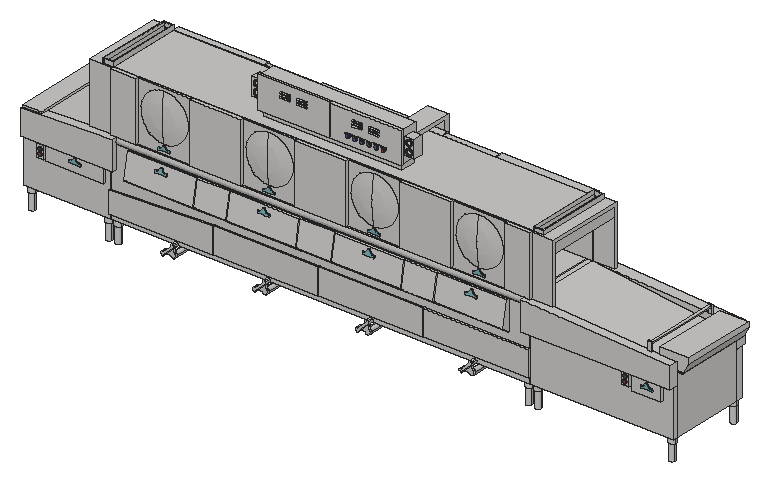
Revit family (continued)
Forms (in)
  Sweep 126, solid, material "QF_Finishes_Stainless Steel", visible <- "Cold Water Aqua Stat"
    profile origin (-31.27862, -16.75, 8.25) x (1, 0, 0) y (0, 1, 0)
      loop
        circle (0, 0) r 0.375
      loop
        circle (0, 0) r 0.5
  Sweep 127, solid, material "QF_Finishes_Stainless Steel", visible <- "Cold Water Aqua Stat"
    path origin (190.72138, 0, 0) x (0, 1, 0) y (0, 0, 1)
      loop
        line (-16.75, 9) -> (-16.75, 7.5)
        arc (-16.75, 7.5) -> (-16.31066, 6.43934) -> (-15.25, 6) r 1.5
        line (-15.25, 6) -> (-8.5, 6)
    profile origin (190.72138, -16.75, 8.25) x (1, 0, 0) y (0, 1, 0)
      loop
        circle (0, 0) r 0.5
      loop
        circle (0, 0) r 0.625
  Extrusion 128, void
    sketch origin (28, -26, 0) x (1, 0, 0) y (0, 0, 1)
      loop
        circle (10.72138, 78.5) r 0.5
    from 0 to 0.25
  Extrusion 129, solid, material "QF_Finishes_Stainless Steel"
    sketch origin (0, -20.25, 0) x (1, 0, 0) y (0, 0, 1)
      loop
        circle (7.73519, 7) r 1
      loop
        circle (7.73519, 7) r 1.125
    from 0 to 21.5
  Extrusion 130, solid, material "QF_Finishes_Stainless Steel"
    sketch origin (25, -20.25, 0) x (1, 0, 0) y (0, 0, 1)
      loop
        circle (21.23519, 7) r 1
      loop
        circle (21.23519, 7) r 1.125
    from 0 to 21.5
  Extrusion 131, solid, material "QF_Finishes_Stainless Steel"
    sketch origin (7.21533, -42, -3.41935) x (0.707107, 0, 0.707107) y (-0.707107, 0, 0.707107)
      loop
        arc (6.61019, 7) -> (7.73519, 5.875) -> (8.86019, 7) r 1.125
        arc (8.86019, 7) -> (9.29112, 8.22931) -> (10.48519, 8.75) r 1.62946
        line (10.48519, 8.75) -> (4.98519, 8.75)
        arc (4.98519, 8.75) -> (6.17925, 8.22931) -> (6.61019, 7) r 1.62946
    from -0.25 to 0.25
  Extrusion 132, solid, material "QF_Finishes_Stainless Steel"
    sketch origin (45.71533, -42, -3.41935) x (0.707107, 0, 0.707107) y (-0.707107, 0, 0.707107)
      loop
        line (4.73519, 8.75) -> (10.73519, 8.75)
        arc (10.73519, 8.75) -> (11.08874, 8.89645) -> (11.23519, 9.25) r 0.5
        line (11.23519, 9.25) -> (11.23519, 9.75)
        arc (11.23519, 9.75) -> (11.08874, 10.10355) -> (10.73519, 10.25) r 0.5
        line (10.73519, 10.25) -> (10.23519, 10.25)
        arc (10.23519, 10.25) -> (10.05841, 10.17678) -> (9.98519, 10) r 0.25
        line (9.98519, 10) -> (9.98519, 9.75) -> (5.48519, 9.75) -> (5.48519, 10)
        arc (5.48519, 10) -> (5.41196, 10.17678) -> (5.23519, 10.25) r 0.25
        line (5.23519, 10.25) -> (4.73519, 10.25)
        arc (4.73519, 10.25) -> (4.38163, 10.10355) -> (4.23519, 9.75) r 0.5
        line (4.23519, 9.75) -> (4.23519, 9.25)
        arc (4.23519, 9.25) -> (4.38163, 8.89645) -> (4.73519, 8.75) r 0.5
    from -1 to 1
  Extrusion 133, solid, material "QF_Finishes_Stainless Steel"
    sketch origin (45.71533, -42, -3.41935) x (0.707107, 0, 0.707107) y (-0.707107, 0, 0.707107)
      loop
        arc (6.61019, 7) -> (7.73519, 5.875) -> (8.86019, 7) r 1.125
        arc (8.86019, 7) -> (9.29112, 8.22931) -> (10.48519, 8.75) r 1.62946
        line (10.48519, 8.75) -> (4.98519, 8.75)
        arc (4.98519, 8.75) -> (6.17925, 8.22931) -> (6.61019, 7) r 1.62946
    from -0.25 to 0.25
  Extrusion 134, solid, material "QF_Finishes_Stainless Steel"
    sketch origin (74.5, -20.25, 0) x (1, 0, 0) y (0, 0, 1)
      loop
        circle (14.73519, 7) r 1
      loop
        circle (14.73519, 7) r 1.125
    from 0 to 21.5
  Extrusion 135, solid, material "QF_Finishes_Stainless Steel"
    sketch origin (88.71533, -42, -3.41935) x (0.707107, 0, 0.707107) y (-0.707107, 0, 0.707107)
      loop
        line (4.73519, 8.75) -> (10.73519, 8.75)
        arc (10.73519, 8.75) -> (11.08874, 8.89645) -> (11.23519, 9.25) r 0.5
        line (11.23519, 9.25) -> (11.23519, 9.75)
        arc (11.23519, 9.75) -> (11.08874, 10.10355) -> (10.73519, 10.25) r 0.5
        line (10.73519, 10.25) -> (10.23519, 10.25)
        arc (10.23519, 10.25) -> (10.05841, 10.17678) -> (9.98519, 10) r 0.25
        line (9.98519, 10) -> (9.98519, 9.75) -> (5.48519, 9.75) -> (5.48519, 10)
        arc (5.48519, 10) -> (5.41196, 10.17678) -> (5.23519, 10.25) r 0.25
        line (5.23519, 10.25) -> (4.73519, 10.25)
        arc (4.73519, 10.25) -> (4.38163, 10.10355) -> (4.23519, 9.75) r 0.5
        line (4.23519, 9.75) -> (4.23519, 9.25)
        arc (4.23519, 9.25) -> (4.38163, 8.89645) -> (4.73519, 8.75) r 0.5
    from -1 to 1
  Extrusion 136, solid, material "QF_Finishes_Stainless Steel"
    sketch origin (88.71533, -42, -3.41935) x (0.707107, 0, 0.707107) y (-0.707107, 0, 0.707107)
      loop
        arc (6.61019, 7) -> (7.73519, 5.875) -> (8.86019, 7) r 1.125
        arc (8.86019, 7) -> (9.29112, 8.22931) -> (10.48519, 8.75) r 1.62946
        line (10.48519, 8.75) -> (4.98519, 8.75)
        arc (4.98519, 8.75) -> (6.17925, 8.22931) -> (6.61019, 7) r 1.62946
    from -0.25 to 0.25
  Extrusion 137, solid, material "QF_Finishes_Stainless Steel"
    sketch origin (7.21533, -42, -3.41935) x (0.707107, 0, 0.707107) y (-0.707107, 0, 0.707107)
      loop
        line (4.73519, 8.75) -> (10.73519, 8.75)
        arc (10.73519, 8.75) -> (11.08874, 8.89645) -> (11.23519, 9.25) r 0.5
        line (11.23519, 9.25) -> (11.23519, 9.75)
        arc (11.23519, 9.75) -> (11.08874, 10.10355) -> (10.73519, 10.25) r 0.5
        line (10.73519, 10.25) -> (10.23519, 10.25)
        arc (10.23519, 10.25) -> (10.05841, 10.17678) -> (9.98519, 10) r 0.25
        line (9.98519, 10) -> (9.98519, 9.75) -> (5.48519, 9.75) -> (5.48519, 10)
        arc (5.48519, 10) -> (5.41196, 10.17678) -> (5.23519, 10.25) r 0.25
        line (5.23519, 10.25) -> (4.73519, 10.25)
        arc (4.73519, 10.25) -> (4.38163, 10.10355) -> (4.23519, 9.75) r 0.5
        line (4.23519, 9.75) -> (4.23519, 9.25)
        arc (4.23519, 9.25) -> (4.38163, 8.89645) -> (4.73519, 8.75) r 0.5
    from -1 to 1
  Extrusion 138, solid, material "QF_Finishes_Stainless Steel", visible <- "Feeder Line 2"
    sketch origin (15.91873, -26, 0) x (1, 0, 0) y (0, 0, 1)
      loop
        circle (23.97138, 78.5) r 0.25
    from 0 to -0.0625
  Extrusion 139, solid, material "QF_Finishes_Stainless Steel", visible <- "Feeder Line 3"
    sketch origin (16.66873, -26, 0) x (1, 0, 0) y (0, 0, 1)
      loop
        circle (23.97138, 78.5) r 0.25
    from 0 to -0.0625
  Extrusion 140, solid, material "QF_Finishes_Black", not visible
    sketch origin (0, -32.25, 0) x (1, 0, 0) y (0, 0, 1)
      loop
        circle (6.84638, 76.75) r 1.25
      loop
        circle (6.84638, 76.75) r 1
    from 0 to 0.25
  Extrusion 141, solid, material "QF_Finishes_White", not visible
    sketch origin (0, -32.25, 0) x (1, 0, 0) y (0, 0, 1)
      loop
        circle (6.84638, 76.75) r 1
    from 0 to 0.0625
  Extrusion 142, solid, material "QF_Finishes_Black", not visible
    sketch origin (33.66291, -34, -18.39967) x (1, 0, 0) y (0, 0, 1)
      loop
        line (19.62096, 91.02467) -> (17.62096, 91.02467) -> (17.62096, 90.77467) -> (19.62096, 90.77467) -> (19.62096, 91.02467)
      loop
        line (16.62096, 91.02467) -> (14.62096, 91.02467) -> (14.62096, 90.77467) -> (16.62096, 90.77467) -> (16.62096, 91.02467)
      loop
        line (20.62096, 91.02467) -> (20.62096, 90.77467) -> (22.62096, 90.77467) -> (22.62096, 91.02467) -> (20.62096, 91.02467)
      loop
        line (23.62096, 91.02467) -> (23.62096, 90.77467) -> (25.62096, 90.77467) -> (25.62096, 91.02467) -> (23.62096, 91.02467)
      loop
        line (13.62096, 91.02467) -> (11.62096, 91.02467) -> (11.62096, 90.77467) -> (13.62096, 90.77467) -> (13.62096, 91.02467)
      loop
        line (26.62096, 91.02467) -> (26.62096, 90.77467) -> (28.62096, 90.77467) -> (28.62096, 91.02467) -> (26.62096, 91.02467)
    from 0 to 0.25
  Extrusion 143, solid, material "QF_Finishes_Navy Blue", not visible
    sketch origin (34.03783, -34, -18.39967) x (1, 0, 0) y (0, 0, 1)
      loop
        circle (15.24605, 89.89967) r 0.625
    from 0.125 to 0.375
  Extrusion 144, solid, material "QF_Finishes_Navy Blue", not visible
    sketch origin (34.03783, -34, -18.39967) x (1, 0, 0) y (0, 0, 1)
      loop
        circle (18.24605, 89.89967) r 0.625
    from 0.125 to 0.375
  Extrusion 145, solid, material "QF_Finishes_LED Green", not visible
    sketch origin (34.03783, -34, -18.39967) x (1, 0, 0) y (0, 0, 1)
      loop
        circle (21.24605, 89.89967) r 0.625
    from 0.125 to 0.375
  Extrusion 146, solid, material "QF_Finishes_Navy Blue", not visible
    sketch origin (34.03783, -34, -18.39967) x (1, 0, 0) y (0, 0, 1)
      loop
        circle (24.24605, 89.89967) r 0.625
    from 0.125 to 0.375
  Extrusion 147, solid, material "QF_Finishes_Black", not visible
    sketch origin (34.03783, -34, -18.39967) x (1, 0, 0) y (0, 0, 1)
      loop
        line (15.99605, 89.89967) -> (15.99605, 90.77467) -> (14.49605, 90.77467) -> (14.49605, 89.89967)
        arc (14.49605, 89.89967) -> (15.24605, 89.14967) -> (15.99605, 89.89967) r 0.75
      loop
        line (18.99605, 89.89967) -> (18.99605, 90.77467) -> (17.49605, 90.77467) -> (17.49605, 89.89967)
        arc (17.49605, 89.89967) -> (18.24605, 89.14967) -> (18.99605, 89.89967) r 0.75
      loop
        line (21.99605, 89.89967) -> (21.99605, 90.77467) -> (20.49605, 90.77467) -> (20.49605, 89.89967)
        arc (20.49605, 89.89967) -> (21.24605, 89.14967) -> (21.99605, 89.89967) r 0.75
      loop
        line (24.99605, 89.89967) -> (24.99605, 90.77467) -> (23.49605, 90.77467) -> (23.49605, 89.89967)
        arc (23.49605, 89.89967) -> (24.24605, 89.14967) -> (24.99605, 89.89967) r 0.75
      loop
        line (12.99605, 89.89967) -> (12.99605, 90.77467) -> (11.49605, 90.77467) -> (11.49605, 89.89967)
        arc (11.49605, 89.89967) -> (12.24605, 89.14967) -> (12.99605, 89.89967) r 0.75
      loop
        line (27.99605, 89.89967) -> (27.99605, 90.77467) -> (26.49605, 90.77467) -> (26.49605, 89.89967)
        arc (26.49605, 89.89967) -> (27.24605, 89.14967) -> (27.99605, 89.89967) r 0.75
    from 0 to 0.125
  Extrusion 148, solid, material "QF_Finishes_Black", not visible
    sketch origin (0, -32.25, -3.5) x (1, 0, 0) y (0, 0, 1)
      loop
        circle (6.84638, 76.75) r 1.25
      loop
        circle (6.84638, 76.75) r 1
    from 0 to 0.25
  Extrusion 149, solid, material "QF_Finishes_White", not visible
    sketch origin (0, -32.25, -3.5) x (1, 0, 0) y (0, 0, 1)
      loop
        circle (6.84638, 76.75) r 1
    from 0 to 0.0625
  Extrusion 150, solid, material "QF_Finishes_Black", not visible
    sketch origin (63.875, -32.25, 0) x (1, 0, 0) y (0, 0, 1)
      loop
        circle (6.84638, 76.75) r 1.25
      loop
        circle (6.84638, 76.75) r 1
    from 0 to 0.25
  Extrusion 151, solid, material "QF_Finishes_White", not visible
    sketch origin (63.875, -32.25, 0) x (1, 0, 0) y (0, 0, 1)
      loop
        circle (6.84638, 76.75) r 1
    from 0 to 0.0625
  Extrusion 152, solid, material "QF_Finishes_Black", not visible
    sketch origin (63.875, -32.25, -3.5) x (1, 0, 0) y (0, 0, 1)
      loop
        circle (6.84638, 76.75) r 1.25
      loop
        circle (6.84638, 76.75) r 1
    from 0 to 0.25
  Extrusion 153, solid, material "QF_Finishes_White", not visible
    sketch origin (63.875, -32.25, -3.5) x (1, 0, 0) y (0, 0, 1)
      loop
        circle (6.84638, 76.75) r 1
    from 0 to 0.0625
  Extrusion 154, solid, material "QF_Finishes_Navy Blue", not visible
    sketch origin (31.03783, -34, -18.39967) x (1, 0, 0) y (0, 0, 1)
      loop
        circle (15.24605, 89.89967) r 0.625
    from 0.125 to 0.375
  Extrusion 155, solid, material "QF_Finishes_LED Red", not visible
    sketch origin (46.03783, -34, -18.39967) x (1, 0, 0) y (0, 0, 1)
      loop
        circle (15.24605, 89.89967) r 0.625
    from 0.125 to 0.375
  Extrusion 156, solid, material "QF_Finishes_Stainless Steel", not visible
    sketch origin (0, -73.14175, 10.44389) x (1, 0, 0) y (0, 0.5, 0.866025)
      loop
        line (48.28388, 77.875) -> (52.28388, 77.875)
        arc (52.28388, 77.875) -> (52.10082, 78.31694) -> (51.65888, 78.5) r 0.625
        line (51.65888, 78.5) -> (48.90888, 78.5)
        arc (48.90888, 78.5) -> (48.46693, 78.31694) -> (48.28388, 77.875) r 0.625
    from 0 to 0.125
  Extrusion 157, solid, material "QF_Finishes_Stainless Steel", not visible
    sketch origin (0, -73.14175, 9.44389) x (1, 0, 0) y (0, 0.5, 0.866025)
      loop
        line (48.28388, 77.875) -> (52.28388, 77.875)
        arc (52.28388, 77.875) -> (52.10082, 78.31694) -> (51.65888, 78.5) r 0.625
        line (51.65888, 78.5) -> (48.90888, 78.5)
        arc (48.90888, 78.5) -> (48.46693, 78.31694) -> (48.28388, 77.875) r 0.625
    from 0 to 0.125
  Extrusion 158, solid, material "QF_Finishes_Stainless Steel", not visible
    sketch origin (0, -73.14175, 8.44389) x (1, 0, 0) y (0, 0.5, 0.866025)
      loop
        line (48.28388, 77.875) -> (52.28388, 77.875)
        arc (52.28388, 77.875) -> (52.10082, 78.31694) -> (51.65888, 78.5) r 0.625
        line (51.65888, 78.5) -> (48.90888, 78.5)
        arc (48.90888, 78.5) -> (48.46693, 78.31694) -> (48.28388, 77.875) r 0.625
    from 0 to 0.125
  Extrusion 159, solid, material "QF_Finishes_Stainless Steel", not visible
    sketch origin (107.56775, -73.14175, 10.44389) x (-1, 0, 0) y (0, -0.5, -0.866025)
      loop
        arc (48.28388, -77.875) -> (48.46693, -78.31694) -> (48.90888, -78.5) r 0.625
        line (48.90888, -78.5) -> (51.65888, -78.5)
        arc (51.65888, -78.5) -> (52.10082, -78.31694) -> (52.28388, -77.875) r 0.625
        line (52.28388, -77.875) -> (48.28388, -77.875)
    from 0 to 0.125
  Extrusion 160, solid, material "QF_Finishes_Stainless Steel", not visible
    sketch origin (107.56775, -73.14175, 9.44389) x (-1, 0, 0) y (0, -0.5, -0.866025)
      loop
        arc (48.28388, -77.875) -> (48.46693, -78.31694) -> (48.90888, -78.5) r 0.625
        line (48.90888, -78.5) -> (51.65888, -78.5)
        arc (51.65888, -78.5) -> (52.10082, -78.31694) -> (52.28388, -77.875) r 0.625
        line (52.28388, -77.875) -> (48.28388, -77.875)
    from 0 to 0.125
  Extrusion 161, solid, material "QF_Finishes_Stainless Steel", not visible
    sketch origin (107.56775, -73.14175, 8.44389) x (-1, 0, 0) y (0, -0.5, -0.866025)
      loop
        arc (48.28388, -77.875) -> (48.46693, -78.31694) -> (48.90888, -78.5) r 0.625
        line (48.90888, -78.5) -> (51.65888, -78.5)
        arc (51.65888, -78.5) -> (52.10082, -78.31694) -> (52.28388, -77.875) r 0.625
        line (52.28388, -77.875) -> (48.28388, -77.875)
    from 0 to 0.125
  Extrusion 162, solid, material "QF_Finishes_Stainless Steel", not visible
    sketch origin (-30.125, -73.14175, 10.44389) x (1, 0, 0) y (0, 0.5, 0.866025)
      loop
        line (48.28388, 77.875) -> (52.28388, 77.875)
        arc (52.28388, 77.875) -> (52.10082, 78.31694) -> (51.65888, 78.5) r 0.625
        line (51.65888, 78.5) -> (48.90888, 78.5)
        arc (48.90888, 78.5) -> (48.46693, 78.31694) -> (48.28388, 77.875) r 0.625
    from 0 to 0.125
  Extrusion 163, solid, material "QF_Finishes_Stainless Steel", not visible
    sketch origin (-30.125, -73.14175, 9.44389) x (1, 0, 0) y (0, 0.5, 0.866025)
      loop
        line (48.28388, 77.875) -> (52.28388, 77.875)
        arc (52.28388, 77.875) -> (52.10082, 78.31694) -> (51.65888, 78.5) r 0.625
        line (51.65888, 78.5) -> (48.90888, 78.5)
        arc (48.90888, 78.5) -> (48.46693, 78.31694) -> (48.28388, 77.875) r 0.625
    from 0 to 0.125
  Extrusion 164, solid, material "QF_Finishes_Stainless Steel", not visible
    sketch origin (-30.125, -73.14175, 8.44389) x (1, 0, 0) y (0, 0.5, 0.866025)
      loop
        line (48.28388, 77.875) -> (52.28388, 77.875)
        arc (52.28388, 77.875) -> (52.10082, 78.31694) -> (51.65888, 78.5) r 0.625
        line (51.65888, 78.5) -> (48.90888, 78.5)
        arc (48.90888, 78.5) -> (48.46693, 78.31694) -> (48.28388, 77.875) r 0.625
    from 0 to 0.125
  Extrusion 165, solid, material "QF_Finishes_Stainless Steel", not visible
    sketch origin (77.44275, -73.14175, 10.44389) x (-1, 0, 0) y (0, -0.5, -0.866025)
      loop
        arc (48.28388, -77.875) -> (48.46693, -78.31694) -> (48.90888, -78.5) r 0.625
        line (48.90888, -78.5) -> (51.65888, -78.5)
        arc (51.65888, -78.5) -> (52.10082, -78.31694) -> (52.28388, -77.875) r 0.625
        line (52.28388, -77.875) -> (48.28388, -77.875)
    from 0 to 0.125
  Extrusion 166, solid, material "QF_Finishes_Stainless Steel", not visible
    sketch origin (77.44275, -73.14175, 9.44389) x (-1, 0, 0) y (0, -0.5, -0.866025)
      loop
        arc (48.28388, -77.875) -> (48.46693, -78.31694) -> (48.90888, -78.5) r 0.625
        line (48.90888, -78.5) -> (51.65888, -78.5)
        arc (51.65888, -78.5) -> (52.10082, -78.31694) -> (52.28388, -77.875) r 0.625
        line (52.28388, -77.875) -> (48.28388, -77.875)
    from 0 to 0.125
  Extrusion 167, solid, material "QF_Finishes_Stainless Steel", not visible
    sketch origin (77.44275, -73.14175, 8.44389) x (-1, 0, 0) y (0, -0.5, -0.866025)
      loop
        arc (48.28388, -77.875) -> (48.46693, -78.31694) -> (48.90888, -78.5) r 0.625
        line (48.90888, -78.5) -> (51.65888, -78.5)
        arc (51.65888, -78.5) -> (52.10082, -78.31694) -> (52.28388, -77.875) r 0.625
        line (52.28388, -77.875) -> (48.28388, -77.875)
    from 0 to 0.125
  Extrusion 168, solid, material "QF_Finishes_Stainless Steel", not visible
    sketch origin (0, -20.25, 0) x (1, 0, 0) y (0, 0, 1)
      loop
        circle (7.73519, 7) r 1
      loop
        circle (7.73519, 7) r 1.125
    from 0 to 21.5
  Extrusion 169, solid, material "QF_Finishes_Stainless Steel", not visible
    sketch origin (25, -20.25, 0) x (1, 0, 0) y (0, 0, 1)
      loop
        circle (21.23519, 7) r 1
      loop
        circle (21.23519, 7) r 1.125
    from 0 to 21.5
  Extrusion 170, solid, material "QF_Finishes_Stainless Steel", not visible
    sketch origin (7.21533, -42, -3.41935) x (0.707107, 0, 0.707107) y (-0.707107, 0, 0.707107)
      loop
        arc (6.61019, 7) -> (7.73519, 5.875) -> (8.86019, 7) r 1.125
        arc (8.86019, 7) -> (9.29112, 8.22931) -> (10.48519, 8.75) r 1.62946
        line (10.48519, 8.75) -> (4.98519, 8.75)
        arc (4.98519, 8.75) -> (6.17925, 8.22931) -> (6.61019, 7) r 1.62946
    from -0.25 to 0.25
  Extrusion 171, solid, material "QF_Finishes_Stainless Steel", not visible
    sketch origin (45.71533, -42, -3.41935) x (0.707107, 0, 0.707107) y (-0.707107, 0, 0.707107)
      loop
        line (4.73519, 8.75) -> (10.73519, 8.75)
        arc (10.73519, 8.75) -> (11.08874, 8.89645) -> (11.23519, 9.25) r 0.5
        line (11.23519, 9.25) -> (11.23519, 9.75)
        arc (11.23519, 9.75) -> (11.08874, 10.10355) -> (10.73519, 10.25) r 0.5
        line (10.73519, 10.25) -> (10.23519, 10.25)
        arc (10.23519, 10.25) -> (10.05841, 10.17678) -> (9.98519, 10) r 0.25
        line (9.98519, 10) -> (9.98519, 9.75) -> (5.48519, 9.75) -> (5.48519, 10)
        arc (5.48519, 10) -> (5.41196, 10.17678) -> (5.23519, 10.25) r 0.25
        line (5.23519, 10.25) -> (4.73519, 10.25)
        arc (4.73519, 10.25) -> (4.38163, 10.10355) -> (4.23519, 9.75) r 0.5
        line (4.23519, 9.75) -> (4.23519, 9.25)
        arc (4.23519, 9.25) -> (4.38163, 8.89645) -> (4.73519, 8.75) r 0.5
    from -1 to 1
  Extrusion 172, solid, material "QF_Finishes_Stainless Steel", not visible
    sketch origin (45.71533, -42, -3.41935) x (0.707107, 0, 0.707107) y (-0.707107, 0, 0.707107)
      loop
        arc (6.61019, 7) -> (7.73519, 5.875) -> (8.86019, 7) r 1.125
        arc (8.86019, 7) -> (9.29112, 8.22931) -> (10.48519, 8.75) r 1.62946
        line (10.48519, 8.75) -> (4.98519, 8.75)
        arc (4.98519, 8.75) -> (6.17925, 8.22931) -> (6.61019, 7) r 1.62946
    from -0.25 to 0.25
  Extrusion 173, solid, material "QF_Finishes_Stainless Steel", not visible
    sketch origin (74.5, -20.25, 0) x (1, 0, 0) y (0, 0, 1)
      loop
        circle (14.73519, 7) r 1
      loop
        circle (14.73519, 7) r 1.125
    from 0 to 21.5
  Extrusion 174, solid, material "QF_Finishes_Stainless Steel", not visible
    sketch origin (88.71533, -42, -3.41935) x (0.707107, 0, 0.707107) y (-0.707107, 0, 0.707107)
      loop
        line (4.73519, 8.75) -> (10.73519, 8.75)
        arc (10.73519, 8.75) -> (11.08874, 8.89645) -> (11.23519, 9.25) r 0.5
        line (11.23519, 9.25) -> (11.23519, 9.75)
        arc (11.23519, 9.75) -> (11.08874, 10.10355) -> (10.73519, 10.25) r 0.5
        line (10.73519, 10.25) -> (10.23519, 10.25)
        arc (10.23519, 10.25) -> (10.05841, 10.17678) -> (9.98519, 10) r 0.25
        line (9.98519, 10) -> (9.98519, 9.75) -> (5.48519, 9.75) -> (5.48519, 10)
        arc (5.48519, 10) -> (5.41196, 10.17678) -> (5.23519, 10.25) r 0.25
        line (5.23519, 10.25) -> (4.73519, 10.25)
        arc (4.73519, 10.25) -> (4.38163, 10.10355) -> (4.23519, 9.75) r 0.5
        line (4.23519, 9.75) -> (4.23519, 9.25)
        arc (4.23519, 9.25) -> (4.38163, 8.89645) -> (4.73519, 8.75) r 0.5
    from -1 to 1
  Extrusion 175, solid, material "QF_Finishes_Stainless Steel", not visible
    sketch origin (88.71533, -42, -3.41935) x (0.707107, 0, 0.707107) y (-0.707107, 0, 0.707107)
      loop
        arc (6.61019, 7) -> (7.73519, 5.875) -> (8.86019, 7) r 1.125
        arc (8.86019, 7) -> (9.29112, 8.22931) -> (10.48519, 8.75) r 1.62946
        line (10.48519, 8.75) -> (4.98519, 8.75)
        arc (4.98519, 8.75) -> (6.17925, 8.22931) -> (6.61019, 7) r 1.62946
    from -0.25 to 0.25
  Extrusion 176, solid, material "QF_Finishes_Stainless Steel", not visible
    sketch origin (7.21533, -42, -3.41935) x (0.707107, 0, 0.707107) y (-0.707107, 0, 0.707107)
      loop
        line (4.73519, 8.75) -> (10.73519, 8.75)
        arc (10.73519, 8.75) -> (11.08874, 8.89645) -> (11.23519, 9.25) r 0.5
        line (11.23519, 9.25) -> (11.23519, 9.75)
        arc (11.23519, 9.75) -> (11.08874, 10.10355) -> (10.73519, 10.25) r 0.5
        line (10.73519, 10.25) -> (10.23519, 10.25)
        arc (10.23519, 10.25) -> (10.05841, 10.17678) -> (9.98519, 10) r 0.25
        line (9.98519, 10) -> (9.98519, 9.75) -> (5.48519, 9.75) -> (5.48519, 10)
        arc (5.48519, 10) -> (5.41196, 10.17678) -> (5.23519, 10.25) r 0.25
        line (5.23519, 10.25) -> (4.73519, 10.25)
        arc (4.73519, 10.25) -> (4.38163, 10.10355) -> (4.23519, 9.75) r 0.5
        line (4.23519, 9.75) -> (4.23519, 9.25)
        arc (4.23519, 9.25) -> (4.38163, 8.89645) -> (4.73519, 8.75) r 0.5
    from -1 to 1
  Extrusion 177, solid, material "QF_Finishes_Stainless Steel", visible <- "Swing Doors"
    sketch origin (0, 0, 65.5) x (0, 1, 0) y (-1, 0, 0)
      loop
        line (-38.25, -33.72138) -> (-39, -33.72138) -> (-39, -44.65888) -> (-38.25, -44.65888) -> (-38.25, -33.72138)
    from 0 to -24.875
  Extrusion 178, solid, material "QF_Finishes_Stainless Steel", visible <- "Swing Doors"
    sketch origin (0, 0, 65.5) x (0, 1, 0) y (-1, 0, 0)
      loop
        line (-38.25, -44.78388) -> (-39, -44.78388) -> (-39, -55.72138) -> (-38.25, -55.72138) -> (-38.25, -44.78388)
    from 0 to -24.875
  Extrusion 179, solid, material "QF_Finishes_Stainless Steel", visible <- "Swing Doors"
    sketch origin (1.64366, 34, 62.4375) x (0, 1, 0) y (-1, 0, 0)
      loop
        circle (-73.25, -31.82772) r 0.25
    from 0 to -3
  Extrusion 180, solid, material "QF_Finishes_Stainless Steel", visible <- "Swing Doors"
    sketch origin (1.64366, 34, 45.8125) x (0, 1, 0) y (-1, 0, 0)
      loop
        circle (-73.25, -31.82772) r 0.25
    from 0 to -3
  Sweep 181, solid, material "QF_Finishes_Stainless Steel", visible <- "Swing Doors"
    path origin (43.28388, 53.39484, 58) x (0, 1, 0) y (0, 0, 1)
      loop
        line (-92.39484, -0.9375) -> (-93.01984, -0.9375)
        arc (-93.01984, -0.9375) -> (-93.37339, -1.08395) -> (-93.51984, -1.4375) r 0.5
        line (-93.51984, -1.4375) -> (-93.51984, -9.6875)
        arc (-93.51984, -9.6875) -> (-93.37339, -10.04105) -> (-93.01984, -10.1875) r 0.5
        line (-93.01984, -10.1875) -> (-92.39484, -10.1875)
    profile origin (43.28388, -39.3125, 57.0625) x (0, 0, -1) y (1, 0, 0)
      loop
        circle (0, 0) r 0.375
  Extrusion 182, solid, material "QF_Finishes_Stainless Steel", visible <- "Swing Doors"
    sketch origin (37.64366, 34, 62.4375) x (0, 1, 0) y (-1, 0, 0)
      loop
        circle (-73.25, -18.32772) r 0.25
    from 0 to -3
  Extrusion 183, solid, material "QF_Finishes_Stainless Steel", visible <- "Swing Doors"
    sketch origin (37.64366, 34, 45.8125) x (0, 1, 0) y (-1, 0, 0)
      loop
        circle (-73.25, -18.32772) r 0.25
    from 0 to -3
  Sweep 184, solid, material "QF_Finishes_Stainless Steel", visible <- "Swing Doors"
    path origin (46.15888, 53.39484, 48) x (0, 1, 0) y (0, 0, 1)
      loop
        line (-92.39484, 9.0625) -> (-93.01984, 9.0625)
        arc (-93.01984, 9.0625) -> (-93.37339, 8.91605) -> (-93.51984, 8.5625) r 0.5
        line (-93.51984, 8.5625) -> (-93.51984, 0.3125)
        arc (-93.51984, 0.3125) -> (-93.37339, -0.04105) -> (-93.01984, -0.1875) r 0.5
        line (-93.01984, -0.1875) -> (-92.39484, -0.1875)
    profile origin (46.15888, -39.3125, 57.0625) x (0, 0, -1) y (1, 0, 0)
      loop
        circle (0, 0) r 0.375
  Extrusion 185, solid, material "QF_Finishes_Clearances", visible <- "Standard Doors", detail levels coarse
    sketch origin (0, 0, 65.5) x (0, 1, 0) y (-1, 0, 0)
      loop
        line (-38.25, -33.47138) -> (-39, -33.47138) -> (-39, -55.97138) -> (-38.25, -55.97138) -> (-38.25, -33.47138)
    from 0 to 28
  Sweep 186, solid, material "QF_Finishes_Stainless Steel", visible <- "Booster Heater"
    path origin (178.72138, 20.50153, 48) x (0, 1, 0) y (0, 0, 1)
      loop
        line (-37.25153, -39) -> (-37.25153, -40.5)
        arc (-37.25153, -40.5) -> (-36.81219, -41.56066) -> (-35.75153, -42) r 1.5
        line (-35.75153, -42) -> (-29.00153, -42)
    profile origin (178.72138, -16.75, 8.25) x (1, 0, 0) y (0, 1, 0)
      loop
        circle (0, 0) r 0.375
      loop
        circle (0, 0) r 0.5
  Extrusion 187, solid, material "QF_Finishes_Stainless Steel", visible <- "Booster Heater"
    sketch origin (92, -3, 0) x (1, 0, 0) y (0, 0, 1)
      loop
        circle (74.72138, 11) r 0.25
    from 0 to -0.0625
  Extrusion 188, solid, material "QF_Finishes_Stainless Steel"
    sketch origin (-22, 0, 65.5) x (0, 1, 0) y (-1, 0, 0)
      loop
        line (-37.25, -99.47138) -> (-38.25, -99.47138) -> (-38.25, -121.97138) -> (-37.25, -121.97138) -> (-37.25, -99.47138)
    from 0 to -24.875
  Revolve 189, solid, material "QF_Finishes_Stainless Steel", visible <- "Standard Doors"
    sketch origin (88.72138, 53.39484, 48) x (0, 1, 0) y (0, 0, 1)
      loop
        line (-91.64484, 6.49826) -> (-91.64484, 16.49826)
        arc (-91.64484, 16.49826) -> (-92.40727, 11.52451) -> (-92.64484, 6.49826) r 48
        line (-92.64484, 6.49826) -> (-91.64484, 6.49826)
      axis (-91.64484, 6.49826) -> (-92.64484, 6.49826)
    angle from 0 to 360
  Extrusion 190, solid, material "QF_Finishes_Stainless Steel", visible <- "Swing Doors"
    sketch origin (-22, 0, 65.5) x (0, 1, 0) y (-1, 0, 0)
      loop
        line (-38.25, -99.72138) -> (-39, -99.72138) -> (-39, -110.65888) -> (-38.25, -110.65888) -> (-38.25, -99.72138)
    from 0 to -24.875
  Extrusion 191, solid, material "QF_Finishes_Stainless Steel", visible <- "Swing Doors"
    sketch origin (-22, 0, 65.5) x (0, 1, 0) y (-1, 0, 0)
      loop
        line (-38.25, -110.78388) -> (-39, -110.78388) -> (-39, -121.72138) -> (-38.25, -121.72138) -> (-38.25, -110.78388)
    from 0 to -24.875
  Extrusion 192, solid, material "QF_Finishes_Stainless Steel", visible <- "Swing Doors"
    sketch origin (23.64366, 34, 62.4375) x (0, 1, 0) y (-1, 0, 0)
      loop
        circle (-73.25, -53.82772) r 0.25
    from 0 to -3
  Extrusion 193, solid, material "QF_Finishes_Stainless Steel", visible <- "Swing Doors"
    sketch origin (23.64366, 34, 45.8125) x (0, 1, 0) y (-1, 0, 0)
      loop
        circle (-73.25, -53.82772) r 0.25
    from 0 to -3
  Extrusion 194, solid, material "QF_Finishes_Stainless Steel", visible <- "Swing Doors"
    sketch origin (59.64366, 34, 62.4375) x (0, 1, 0) y (-1, 0, 0)
      loop
        circle (-73.25, -40.32772) r 0.25
    from 0 to -3
  Extrusion 195, solid, material "QF_Finishes_Stainless Steel", visible <- "Swing Doors"
    sketch origin (59.64366, 34, 45.8125) x (0, 1, 0) y (-1, 0, 0)
      loop
        circle (-73.25, -40.32772) r 0.25
    from 0 to -3
  Sweep 196, solid, material "QF_Finishes_Stainless Steel", visible <- "Swing Doors"
    path origin (87.28388, 53.39484, 48) x (0, 1, 0) y (0, 0, 1)
      loop
        line (-92.39484, 9.0625) -> (-93.01984, 9.0625)
        arc (-93.01984, 9.0625) -> (-93.37339, 8.91605) -> (-93.51984, 8.5625) r 0.5
        line (-93.51984, 8.5625) -> (-93.51984, 0.3125)
        arc (-93.51984, 0.3125) -> (-93.37339, -0.04105) -> (-93.01984, -0.1875) r 0.5
        line (-93.01984, -0.1875) -> (-92.39484, -0.1875)
    profile origin (87.28388, -39.3125, 57.0625) x (0, 0, -1) y (1, 0, 0)
      loop
        circle (0, 0) r 0.375
  Sweep 197, solid, material "QF_Finishes_Stainless Steel", visible <- "Swing Doors"
    path origin (90.15888, 53.39484, 48) x (0, 1, 0) y (0, 0, 1)
      loop
        line (-92.39484, 9.0625) -> (-93.01984, 9.0625)
        arc (-93.01984, 9.0625) -> (-93.37339, 8.91605) -> (-93.51984, 8.5625) r 0.5
        line (-93.51984, 8.5625) -> (-93.51984, 0.3125)
        arc (-93.51984, 0.3125) -> (-93.37339, -0.04105) -> (-93.01984, -0.1875) r 0.5
        line (-93.01984, -0.1875) -> (-92.39484, -0.1875)
    profile origin (90.15888, -39.3125, 57.0625) x (0, 0, -1) y (1, 0, 0)
      loop
        circle (0, 0) r 0.375
  Extrusion 198, solid, material "QF_Finishes_Clearances", visible <- "Standard Doors", detail levels coarse
    sketch origin (22, 0, 65.5) x (0, 1, 0) y (-1, 0, 0)
      loop
        line (-38.25, -55.47138) -> (-39, -55.47138) -> (-39, -77.97138) -> (-38.25, -77.97138) -> (-38.25, -55.47138)
    from 0 to 28
  Extrusion 199, solid, material "QF_Finishes_Stainless Steel"
    sketch origin (44, -39, 0) x (1, 0, 0) y (0, 0, 1)
      loop
        line (66.84638, 22.25) -> (66.84638, 11.5) -> (110.72138, 11.5) -> (110.72138, 22.25) -> (66.84638, 22.25)
    from 0 to 1
  Extrusion 200, solid, material "QF_Finishes_Stainless Steel"
    sketch origin (22, 0, 65.5) x (0, 1, 0) y (-1, 0, 0)
      loop
        line (-37.25, -99.47138) -> (-38.25, -99.47138) -> (-38.25, -121.97138) -> (-37.25, -121.97138) -> (-37.25, -99.47138)
    from 0 to -24.875
  Revolve 201, solid, material "QF_Finishes_Stainless Steel", visible <- "Standard Doors"
    sketch origin (132.72138, 53.39484, 48) x (0, 1, 0) y (0, 0, 1)
      loop
        line (-91.64484, 6.49826) -> (-91.64484, 16.49826)
        arc (-91.64484, 16.49826) -> (-92.40727, 11.52451) -> (-92.64484, 6.49826) r 48
        line (-92.64484, 6.49826) -> (-91.64484, 6.49826)
      axis (-91.64484, 6.49826) -> (-92.64484, 6.49826)
    angle from 0 to 360
  Extrusion 202, solid, material "QF_Finishes_Stainless Steel", visible <- "Swing Doors"
    sketch origin (22, 0, 65.5) x (0, 1, 0) y (-1, 0, 0)
      loop
        line (-38.25, -99.72138) -> (-39, -99.72138) -> (-39, -110.65888) -> (-38.25, -110.65888) -> (-38.25, -99.72138)
    from 0 to -24.875
  Extrusion 203, solid, material "QF_Finishes_Stainless Steel", visible <- "Swing Doors"
    sketch origin (22, 0, 65.5) x (0, 1, 0) y (-1, 0, 0)
      loop
        line (-38.25, -110.78388) -> (-39, -110.78388) -> (-39, -121.72138) -> (-38.25, -121.72138) -> (-38.25, -110.78388)
    from 0 to -24.875
  Extrusion 204, solid, material "QF_Finishes_Stainless Steel", visible <- "Swing Doors"
    sketch origin (67.64366, 34, 62.4375) x (0, 1, 0) y (-1, 0, 0)
      loop
        circle (-73.25, -53.82772) r 0.25
    from 0 to -3
  Extrusion 205, solid, material "QF_Finishes_Stainless Steel", visible <- "Swing Doors"
    sketch origin (67.64366, 34, 45.8125) x (0, 1, 0) y (-1, 0, 0)
      loop
        circle (-73.25, -53.82772) r 0.25
    from 0 to -3
  Extrusion 206, solid, material "QF_Finishes_Stainless Steel", visible <- "Swing Doors"
    sketch origin (103.64366, 34, 62.4375) x (0, 1, 0) y (-1, 0, 0)
      loop
        circle (-73.25, -40.32772) r 0.25
    from 0 to -3
  Extrusion 207, solid, material "QF_Finishes_Stainless Steel", visible <- "Swing Doors"
    sketch origin (103.64366, 34, 45.8125) x (0, 1, 0) y (-1, 0, 0)
      loop
        circle (-73.25, -40.32772) r 0.25
    from 0 to -3
  Sweep 208, solid, material "QF_Finishes_Stainless Steel", visible <- "Swing Doors"
    path origin (131.28388, 53.39484, 48) x (0, 1, 0) y (0, 0, 1)
      loop
        line (-92.39484, 9.0625) -> (-93.01984, 9.0625)
        arc (-93.01984, 9.0625) -> (-93.37339, 8.91605) -> (-93.51984, 8.5625) r 0.5
        line (-93.51984, 8.5625) -> (-93.51984, 0.3125)
        arc (-93.51984, 0.3125) -> (-93.37339, -0.04105) -> (-93.01984, -0.1875) r 0.5
        line (-93.01984, -0.1875) -> (-92.39484, -0.1875)
    profile origin (131.28388, -39.3125, 57.0625) x (0, 0, -1) y (1, 0, 0)
      loop
        circle (0, 0) r 0.375
  Sweep 209, solid, material "QF_Finishes_Stainless Steel", visible <- "Swing Doors"
    path origin (134.15888, 53.39484, 48) x (0, 1, 0) y (0, 0, 1)
      loop
        line (-92.39484, 9.0625) -> (-93.01984, 9.0625)
        arc (-93.01984, 9.0625) -> (-93.37339, 8.91605) -> (-93.51984, 8.5625) r 0.5
        line (-93.51984, 8.5625) -> (-93.51984, 0.3125)
        arc (-93.51984, 0.3125) -> (-93.37339, -0.04105) -> (-93.01984, -0.1875) r 0.5
        line (-93.01984, -0.1875) -> (-92.39484, -0.1875)
    profile origin (134.15888, -39.3125, 57.0625) x (0, 0, -1) y (1, 0, 0)
      loop
        circle (0, 0) r 0.375
  Extrusion 210, solid, material "QF_Finishes_Clearances", visible <- "Standard Doors", detail levels coarse
    sketch origin (66, 0, 65.5) x (0, 1, 0) y (-1, 0, 0)
      loop
        line (-38.25, -55.47138) -> (-39, -55.47138) -> (-39, -77.97138) -> (-38.25, -77.97138) -> (-38.25, -55.47138)
    from 0 to 28
  Extrusion 211, solid, material "QF_Finishes_Stainless Steel"
    sketch origin (-39.75, 0, 65.5) x (0, 1, 0) y (-1, 0, 0)
      loop
        line (-37.25, -139.72138) -> (-39, -139.72138) -> (-39, -161.22138) -> (-37.25, -161.22138) -> (-37.25, -139.72138)
    from 0 to -24.875
  Extrusion 212, solid, material "QF_Finishes_Stainless Steel"
    sketch origin (88.72138, 0, 0) x (0, 1, 0) y (0, 0, 1)
      loop
        line (-39, 37.75) -> (-40, 37.75) -> (-42, 27.5) -> (-39, 25.1875) -> (-39, 37.75)
    from 14.25 to 27.75
  Extrusion 213, solid, material "QF_Finishes_Stainless Steel"
    sketch origin (78.72138, 0, 0) x (0, 1, 0) y (0, 0, 1)
      loop
        line (-39, 37.75) -> (-40, 37.75) -> (-42, 27.5) -> (-39, 25.1875) -> (-39, 37.75)
    from 38 to 67
  Extrusion 214, solid, material "QF_Finishes_Stainless Steel", not visible
    sketch origin (89.72138, 0, 0) x (0, 1, 0) y (0, 0, 1)
      loop
        line (-39, 37.75) -> (-40, 37.75) -> (-42, 27.5) -> (-39, 25.1875) -> (-39, 37.75)
    from 14.25 to 27.75
  Extrusion 215, solid, material "QF_Finishes_Stainless Steel", not visible
    sketch origin (79.72138, 0, 0) x (0, 1, 0) y (0, 0, 1)
      loop
        line (-39, 37.75) -> (-40, 37.75) -> (-42, 27.5) -> (-39, 25.1875) -> (-39, 37.75)
    from 38 to 67
  Extrusion 216, solid, material "QF_Finishes_Stainless Steel"
    sketch origin (118, -20.25, 0) x (1, 0, 0) y (0, 0, 1)
      loop
        circle (14.73519, 7) r 1
      loop
        circle (14.73519, 7) r 1.125
    from 0 to 21.5
  Extrusion 217, solid, material "QF_Finishes_Stainless Steel"
    sketch origin (132.21533, -42, -3.41935) x (0.707107, 0, 0.707107) y (-0.707107, 0, 0.707107)
      loop
        line (4.73519, 8.75) -> (10.73519, 8.75)
        arc (10.73519, 8.75) -> (11.08874, 8.89645) -> (11.23519, 9.25) r 0.5
        line (11.23519, 9.25) -> (11.23519, 9.75)
        arc (11.23519, 9.75) -> (11.08874, 10.10355) -> (10.73519, 10.25) r 0.5
        line (10.73519, 10.25) -> (10.23519, 10.25)
        arc (10.23519, 10.25) -> (10.05841, 10.17678) -> (9.98519, 10) r 0.25
        line (9.98519, 10) -> (9.98519, 9.75) -> (5.48519, 9.75) -> (5.48519, 10)
        arc (5.48519, 10) -> (5.41196, 10.17678) -> (5.23519, 10.25) r 0.25
        line (5.23519, 10.25) -> (4.73519, 10.25)
        arc (4.73519, 10.25) -> (4.38163, 10.10355) -> (4.23519, 9.75) r 0.5
        line (4.23519, 9.75) -> (4.23519, 9.25)
        arc (4.23519, 9.25) -> (4.38163, 8.89645) -> (4.73519, 8.75) r 0.5
    from -1 to 1
  Extrusion 218, solid, material "QF_Finishes_Stainless Steel"
    sketch origin (132.21533, -42, -3.41935) x (0.707107, 0, 0.707107) y (-0.707107, 0, 0.707107)
      loop
        arc (6.61019, 7) -> (7.73519, 5.875) -> (8.86019, 7) r 1.125
        arc (8.86019, 7) -> (9.29112, 8.22931) -> (10.48519, 8.75) r 1.62946
        line (10.48519, 8.75) -> (4.98519, 8.75)
        arc (4.98519, 8.75) -> (6.17925, 8.22931) -> (6.61019, 7) r 1.62946
    from -0.25 to 0.25
  Extrusion 219, solid, material "QF_Finishes_Stainless Steel", not visible
    sketch origin (118, -20.25, 0) x (1, 0, 0) y (0, 0, 1)
      loop
        circle (14.73519, 7) r 1
      loop
        circle (14.73519, 7) r 1.125
    from 0 to 21.5
  Extrusion 220, solid, material "QF_Finishes_Stainless Steel", not visible
    sketch origin (132.21533, -42, -3.41935) x (0.707107, 0, 0.707107) y (-0.707107, 0, 0.707107)
      loop
        line (4.73519, 8.75) -> (10.73519, 8.75)
        arc (10.73519, 8.75) -> (11.08874, 8.89645) -> (11.23519, 9.25) r 0.5
        line (11.23519, 9.25) -> (11.23519, 9.75)
        arc (11.23519, 9.75) -> (11.08874, 10.10355) -> (10.73519, 10.25) r 0.5
        line (10.73519, 10.25) -> (10.23519, 10.25)
        arc (10.23519, 10.25) -> (10.05841, 10.17678) -> (9.98519, 10) r 0.25
        line (9.98519, 10) -> (9.98519, 9.75) -> (5.48519, 9.75) -> (5.48519, 10)
        arc (5.48519, 10) -> (5.41196, 10.17678) -> (5.23519, 10.25) r 0.25
        line (5.23519, 10.25) -> (4.73519, 10.25)
        arc (4.73519, 10.25) -> (4.38163, 10.10355) -> (4.23519, 9.75) r 0.5
        line (4.23519, 9.75) -> (4.23519, 9.25)
        arc (4.23519, 9.25) -> (4.38163, 8.89645) -> (4.73519, 8.75) r 0.5
    from -1 to 1
  Extrusion 221, solid, material "QF_Finishes_Stainless Steel", not visible
    sketch origin (132.21533, -42, -3.41935) x (0.707107, 0, 0.707107) y (-0.707107, 0, 0.707107)
      loop
        arc (6.61019, 7) -> (7.73519, 5.875) -> (8.86019, 7) r 1.125
        arc (8.86019, 7) -> (9.29112, 8.22931) -> (10.48519, 8.75) r 1.62946
        line (10.48519, 8.75) -> (4.98519, 8.75)
        arc (4.98519, 8.75) -> (6.17925, 8.22931) -> (6.61019, 7) r 1.62946
    from -0.25 to 0.25
  Extrusion 222, solid, material "QF_Finishes_Light Blue", visible <- "Standard Doors"
    sketch origin (-33.60634, -38.75, 10.99826) x (-1, 0, 0) y (0, 0, 1)
      loop
        line (-77.71645, 30.65632) -> (-76.08461, 30.57309)
        arc (-76.08461, 30.57309) -> (-75.90443, 30.64773) -> (-75.82979, 30.82792) r 0.25483
        line (-75.82979, 30.82792) -> (-75.82979, 31.31285)
        arc (-75.82979, 31.31285) -> (-75.90343, 31.49062) -> (-76.08121, 31.56426) r 0.25142
        arc (-76.08121, 31.56426) -> (-77.22593, 31.7803) -> (-77.90311, 32.72819) r 1.56264
        arc (-77.90311, 32.72819) -> (-78.31726, 33.06213) -> (-78.74741, 32.74907) r 0.43733
        arc (-78.74741, 32.74907) -> (-79.42049, 31.78611) -> (-80.57423, 31.56426) r 1.56264
        arc (-80.57423, 31.56426) -> (-80.75201, 31.49062) -> (-80.82565, 31.31285) r 0.25142
        line (-80.82565, 31.31285) -> (-80.82565, 30.82792)
        arc (-80.82565, 30.82792) -> (-80.75101, 30.64773) -> (-80.57082, 30.57309) r 0.25483
        line (-80.57082, 30.57309) -> (-78.93898, 30.65632)
        arc (-78.93898, 30.65632) -> (-78.32772, 30.6719) -> (-77.71645, 30.65632) r 12
    from 0.5 to 0.4375
  Extrusion 223, solid, material "QF_Finishes_Stainless Steel"
    sketch origin (-44, 0, 65.5) x (0, 1, 0) y (-1, 0, 0)
      loop
        line (-37.25, -33.47138) -> (-38.25, -33.47138) -> (-38.25, -55.97138) -> (-37.25, -55.97138) -> (-37.25, -33.47138)
    from 0 to -24.875
  Revolve 224, solid, material "QF_Finishes_Stainless Steel", visible <- "Standard Doors"
    sketch origin (0.72138, 87.64484, 48) x (0, 1, 0) y (0, 0, 1)
      loop
        line (-125.89484, 6.49826) -> (-125.89484, 16.49826)
        arc (-125.89484, 16.49826) -> (-126.65727, 11.52451) -> (-126.89484, 6.49826) r 48
        line (-126.89484, 6.49826) -> (-125.89484, 6.49826)
      axis (-125.89484, 6.49826) -> (-126.89484, 6.49826)
    angle from 0 to 360
  Extrusion 225, solid, material "QF_Finishes_Stainless Steel", visible <- "Swing Doors"
    sketch origin (-44, 0, 65.5) x (0, 1, 0) y (-1, 0, 0)
      loop
        line (-38.25, -33.72138) -> (-39, -33.72138) -> (-39, -44.65888) -> (-38.25, -44.65888) -> (-38.25, -33.72138)
    from 0 to -24.875
  Extrusion 226, solid, material "QF_Finishes_Stainless Steel", visible <- "Swing Doors"
    sketch origin (-44, 0, 65.5) x (0, 1, 0) y (-1, 0, 0)
      loop
        line (-38.25, -44.78388) -> (-39, -44.78388) -> (-39, -55.72138) -> (-38.25, -55.72138) -> (-38.25, -44.78388)
    from 0 to -24.875
  Extrusion 227, solid, material "QF_Finishes_Stainless Steel", visible <- "Swing Doors"
    sketch origin (-42.35634, 34, 62.4375) x (0, 1, 0) y (-1, 0, 0)
      loop
        circle (-73.25, -31.82772) r 0.25
    from 0 to -3
  Extrusion 228, solid, material "QF_Finishes_Stainless Steel", visible <- "Swing Doors"
    sketch origin (-42.35634, 34, 45.8125) x (0, 1, 0) y (-1, 0, 0)
      loop
        circle (-73.25, -31.82772) r 0.25
    from 0 to -3
  Sweep 229, solid, material "QF_Finishes_Stainless Steel", visible <- "Swing Doors"
    path origin (-0.71612, 53.39484, 58) x (0, 1, 0) y (0, 0, 1)
      loop
        line (-92.39484, -0.9375) -> (-93.01984, -0.9375)
        arc (-93.01984, -0.9375) -> (-93.37339, -1.08395) -> (-93.51984, -1.4375) r 0.5
        line (-93.51984, -1.4375) -> (-93.51984, -9.6875)
        arc (-93.51984, -9.6875) -> (-93.37339, -10.04105) -> (-93.01984, -10.1875) r 0.5
        line (-93.01984, -10.1875) -> (-92.39484, -10.1875)
    profile origin (-0.71612, -39.3125, 57.0625) x (0, 0, -1) y (1, 0, 0)
      loop
        circle (0, 0) r 0.375
  Extrusion 230, solid, material "QF_Finishes_Stainless Steel", visible <- "Swing Doors"
    sketch origin (-6.35634, 34, 62.4375) x (0, 1, 0) y (-1, 0, 0)
      loop
        circle (-73.25, -18.32772) r 0.25
    from 0 to -3
  Extrusion 231, solid, material "QF_Finishes_Stainless Steel", visible <- "Swing Doors"
    sketch origin (-6.35634, 34, 45.8125) x (0, 1, 0) y (-1, 0, 0)
      loop
        circle (-73.25, -18.32772) r 0.25
    from 0 to -3
  Sweep 232, solid, material "QF_Finishes_Stainless Steel", visible <- "Swing Doors"
    path origin (2.15888, 53.39484, 48) x (0, 1, 0) y (0, 0, 1)
      loop
        line (-92.39484, 9.0625) -> (-93.01984, 9.0625)
        arc (-93.01984, 9.0625) -> (-93.37339, 8.91605) -> (-93.51984, 8.5625) r 0.5
        line (-93.51984, 8.5625) -> (-93.51984, 0.3125)
        arc (-93.51984, 0.3125) -> (-93.37339, -0.04105) -> (-93.01984, -0.1875) r 0.5
        line (-93.01984, -0.1875) -> (-92.39484, -0.1875)
    profile origin (2.15888, -39.3125, 57.0625) x (0, 0, -1) y (1, 0, 0)
      loop
        circle (0, 0) r 0.375
  Extrusion 233, solid, material "QF_Finishes_Clearances", visible <- "Standard Doors", detail levels coarse
    sketch origin (-44, 0, 65.5) x (0, 1, 0) y (-1, 0, 0)
      loop
        line (-38.25, -33.47138) -> (-39, -33.47138) -> (-39, -55.97138) -> (-38.25, -55.97138) -> (-38.25, -33.47138)
    from 0 to 28
  Extrusion 234, solid, material "QF_Finishes_Light Blue", visible <- "Standard Doors"
    sketch origin (-77.60634, -38.75, 10.99826) x (-1, 0, 0) y (0, 0, 1)
      loop
        line (-77.71645, 30.65632) -> (-76.08461, 30.57309)
        arc (-76.08461, 30.57309) -> (-75.90443, 30.64773) -> (-75.82979, 30.82792) r 0.25483
        line (-75.82979, 30.82792) -> (-75.82979, 31.31285)
        arc (-75.82979, 31.31285) -> (-75.90343, 31.49062) -> (-76.08121, 31.56426) r 0.25142
        arc (-76.08121, 31.56426) -> (-77.22593, 31.7803) -> (-77.90311, 32.72819) r 1.56264
        arc (-77.90311, 32.72819) -> (-78.31726, 33.06213) -> (-78.74741, 32.74907) r 0.43733
        arc (-78.74741, 32.74907) -> (-79.42049, 31.78611) -> (-80.57423, 31.56426) r 1.56264
        arc (-80.57423, 31.56426) -> (-80.75201, 31.49062) -> (-80.82565, 31.31285) r 0.25142
        line (-80.82565, 31.31285) -> (-80.82565, 30.82792)
        arc (-80.82565, 30.82792) -> (-80.75101, 30.64773) -> (-80.57082, 30.57309) r 0.25483
        line (-80.57082, 30.57309) -> (-78.93898, 30.65632)
        arc (-78.93898, 30.65632) -> (-78.32772, 30.6719) -> (-77.71645, 30.65632) r 12
    from 0.5 to 0.4375
  Extrusion 235, solid, material "QF_Finishes_Light Blue", visible <- "Standard Doors"
    sketch origin (10.39366, -38.75, 10.99826) x (-1, 0, 0) y (0, 0, 1)
      loop
        line (-77.71645, 30.65632) -> (-76.08461, 30.57309)
        arc (-76.08461, 30.57309) -> (-75.90443, 30.64773) -> (-75.82979, 30.82792) r 0.25483
        line (-75.82979, 30.82792) -> (-75.82979, 31.31285)
        arc (-75.82979, 31.31285) -> (-75.90343, 31.49062) -> (-76.08121, 31.56426) r 0.25142
        arc (-76.08121, 31.56426) -> (-77.22593, 31.7803) -> (-77.90311, 32.72819) r 1.56264
        arc (-77.90311, 32.72819) -> (-78.31726, 33.06213) -> (-78.74741, 32.74907) r 0.43733
        arc (-78.74741, 32.74907) -> (-79.42049, 31.78611) -> (-80.57423, 31.56426) r 1.56264
        arc (-80.57423, 31.56426) -> (-80.75201, 31.49062) -> (-80.82565, 31.31285) r 0.25142
        line (-80.82565, 31.31285) -> (-80.82565, 30.82792)
        arc (-80.82565, 30.82792) -> (-80.75101, 30.64773) -> (-80.57082, 30.57309) r 0.25483
        line (-80.57082, 30.57309) -> (-78.93898, 30.65632)
        arc (-78.93898, 30.65632) -> (-78.32772, 30.6719) -> (-77.71645, 30.65632) r 12
    from 0.5 to 0.4375
  Extrusion 236, solid, material "QF_Finishes_Stainless Steel"
    sketch origin (-6.75, 0, 65.5) x (0, 1, 0) y (-1, 0, 0)
      loop
        line (-4, -23.22138) -> (-6, -23.22138) -> (-6, -45.72138) -> (-4, -45.72138) -> (-4, -23.22138)
    from 0 to -24.875
  Revolve 237, solid, material "QF_Finishes_Stainless Steel", visible <- "Standard Doors"
    sketch origin (27.72138, -129.89484, 48) x (0, -1, 0) y (0, 0, -1)
      loop
        line (-125.89484, -6.49826) -> (-126.89484, -6.49826)
        arc (-126.89484, -6.49826) -> (-126.65727, -11.52451) -> (-125.89484, -16.49826) r 48
        line (-125.89484, -16.49826) -> (-125.89484, -6.49826)
      axis (-125.89484, -6.49826) -> (-126.89484, -6.49826)
    angle from 0 to 360
  Extrusion 238, solid, material "QF_Finishes_Stainless Steel"
    sketch origin (68.25, 0, 65.5) x (0, 1, 0) y (-1, 0, 0)
      loop
        line (-4, -23.22138) -> (-6, -23.22138) -> (-6, -45.72138) -> (-4, -45.72138) -> (-4, -23.22138)
    from 0 to -24.875
  Revolve 239, solid, material "QF_Finishes_Stainless Steel", visible <- "Standard Doors"
    sketch origin (102.72138, -129.89484, 48) x (0, -1, 0) y (0, 0, -1)
      loop
        line (-125.89484, -6.49826) -> (-126.89484, -6.49826)
        arc (-126.89484, -6.49826) -> (-126.65727, -11.52451) -> (-125.89484, -16.49826) r 48
        line (-125.89484, -16.49826) -> (-125.89484, -6.49826)
      axis (-125.89484, -6.49826) -> (-126.89484, -6.49826)
    angle from 0 to 360
  Extrusion 240, solid, material "QF_Finishes_Stainless Steel"
    sketch origin (90.47138, 0, 0) x (0, 1, 0) y (0, 0, 1)
      loop
        line (-26, 68.5) -> (-1.75, 68.5) -> (-1.75, 18.25) -> (-3, 18.25) -> (-3, 16.5) -> (0, 16.5) -> (0, 70.25) -> (-26, 70.25) -> (-26, 68.5)
    from -1.25 to -9.75
  Extrusion 241, solid, material "QF_Finishes_Stainless Steel"
    sketch origin (-75, 0, 65.5) x (0, 1, 0) y (-1, 0, 0)
      loop
        line (-3, -113.97138) -> (-6, -113.97138) -> (-6, -166.47138) -> (-3, -166.47138) -> (-3, -113.97138)
    from 0 to -24.875
  Extrusion 242, solid, material "QF_Finishes_Light Blue", visible <- "Standard Doors"
    sketch origin (54.39366, -38.75, 10.99826) x (-1, 0, 0) y (0, 0, 1)
      loop
        line (-77.71645, 30.65632) -> (-76.08461, 30.57309)
        arc (-76.08461, 30.57309) -> (-75.90443, 30.64773) -> (-75.82979, 30.82792) r 0.25483
        line (-75.82979, 30.82792) -> (-75.82979, 31.31285)
        arc (-75.82979, 31.31285) -> (-75.90343, 31.49062) -> (-76.08121, 31.56426) r 0.25142
        arc (-76.08121, 31.56426) -> (-77.22593, 31.7803) -> (-77.90311, 32.72819) r 1.56264
        arc (-77.90311, 32.72819) -> (-78.31726, 33.06213) -> (-78.74741, 32.74907) r 0.43733
        arc (-78.74741, 32.74907) -> (-79.42049, 31.78611) -> (-80.57423, 31.56426) r 1.56264
        arc (-80.57423, 31.56426) -> (-80.75201, 31.49062) -> (-80.82565, 31.31285) r 0.25142
        line (-80.82565, 31.31285) -> (-80.82565, 30.82792)
        arc (-80.82565, 30.82792) -> (-80.75101, 30.64773) -> (-80.57082, 30.57309) r 0.25483
        line (-80.57082, 30.57309) -> (-78.93898, 30.65632)
        arc (-78.93898, 30.65632) -> (-78.32772, 30.6719) -> (-77.71645, 30.65632) r 12
    from 0.5 to 0.4375
Cuts and joins
  Extrusion 23 cuts Extrusion 20
  Extrusion 23 cuts Extrusion 21
  Extrusion 27 cuts Extrusion 24
  Extrusion 27 cuts Extrusion 25
  Extrusion 128 cuts Extrusion 90
  Extrusion 128 cuts Extrusion 91
Lines and regions (in)
  symbolic lines
    curve 1: line (-57.40362, -1.5, 65.5) -> (-18.77862, -1.5, 65.5)
    curve 2: line (-57.40362, -3, 65.5) -> (80.72138, -3, 65.5)
    curve 3: line (214.72138, -41, 65.5) -> (214.72138, -1.5, 65.5)
    curve 4: line (214.72138, -1.5, 65.5) -> (152.22138, -1.5, 65.5)
    curve 5: line (152.22138, -1.5, 65.5) -> (152.22138, -3, 65.5)
    curve 6: line (-57.40362, -1.5, 65.5) -> (-57.40362, -41, 65.5)
    curve 7: line (-57.40362, -41, 65.5) -> (-18.77862, -41, 65.5)
    curve 8: line (-18.77862, -41, 65.5) -> (-18.77862, -39, 65.5)
    curve 9: line (154.72138, -39, 65.5) -> (-49.40362, -39, 65.5)
    curve 10: line (-57.40362, -39.875, 65.5) -> (-49.40362, -39.875, 65.5)
    curve 11: line (-49.40362, -39.875, 65.5) -> (-49.40362, -3.375, 65.5)
    curve 12: line (-49.40362, -3.375, 65.5) -> (-57.40362, -3.375, 65.5)
    curve 13: line (-49.40362, -6, 65.5) -> (-30.27862, -6, 65.5)
    curve 14: line (-21.27862, -3, 65.5) -> (-21.27862, -39, 65.5)
    curve 15: line (-21.27862, -5, 65.5) -> (-30.27862, -5, 65.5)
    curve 16: line (-30.27862, -5, 65.5) -> (-30.27862, -38.25, 65.5)
    curve 17: line (-30.27862, -38.25, 65.5) -> (-21.27862, -38.25, 65.5)
    curve 18: line (-21.27862, -37.25, 65.5) -> (-25.40362, -37.25, 65.5)
    curve 19: line (-25.40362, -37.25, 65.5) -> (-25.40362, -6, 65.5)
    curve 20: line (-25.40362, -6, 65.5) -> (-21.27862, -6, 65.5)
    curve 21: line (152.22138, -41, 65.5) -> (214.72138, -41, 65.5)
    curve 22: line (214.72138, -37.25, 65.5) -> (163.72138, -37.25, 65.5)
    curve 23: line (163.72138, -37.25, 65.5) -> (163.72138, -38.25, 65.5)
    curve 24: line (163.72138, -38.25, 65.5) -> (154.72138, -38.25, 65.5)
    curve 25: line (154.72138, -39, 65.5) -> (154.72138, -3, 65.5)
    curve 26: line (152.22138, -39, 65.5) -> (152.22138, -41, 65.5)
    curve 27: line (154.72138, -37.25, 65.5) -> (158.84638, -37.25, 65.5)
    curve 28: line (158.84638, -37.25, 65.5) -> (158.84638, -6, 65.5)
    curve 29: line (158.84638, -6, 65.5) -> (154.72138, -6, 65.5)
    curve 30: line (154.72138, -5, 65.5) -> (163.72138, -5, 65.5)
    curve 31: line (163.72138, -5, 65.5) -> (163.72138, -37.25, 65.5)
    curve 32: line (102.72138, -39, 65.5) -> (102.72138, -42, 65.5)
    curve 33: line (102.72138, -42, 65.5) -> (73.72138, -42, 65.5)
    curve 34: line (73.72138, -42, 65.5) -> (73.72138, -39, 65.5)
    curve 35: line (73.47138, -38.93512, 65.5) -> (73.47138, -42, 65.5)
    curve 36: line (73.47138, -42, 65.5) -> (58.97138, -42, 65.5)
    curve 37: line (58.97138, -42, 65.5) -> (58.97138, -39, 65.5)
    curve 38: line (58.72138, -39, 65.5) -> (58.72138, -42, 65.5)
    curve 39: line (58.72138, -42, 65.5) -> (29.72138, -42, 65.5)
    curve 40: line (29.72138, -42, 65.5) -> (29.72138, -39, 65.5)
    curve 41: line (29.47138, -39, 65.5) -> (29.47138, -42, 65.5)
    curve 42: line (29.47138, -42, 65.5) -> (15.97138, -42, 65.5)
    curve 43: line (15.97138, -42, 65.5) -> (15.97138, -39, 65.5)
    curve 44: line (15.72138, -39, 65.5) -> (15.72138, -42, 65.5)
    curve 45: line (15.72138, -42, 65.5) -> (-13.27862, -42, 65.5)
    curve 46: line (-13.27862, -42, 65.5) -> (-13.27862, -39, 65.5)
    curve 50: line (36.72138, -34, 65.5) -> (96.72138, -34, 65.5)
    curve 51: line (96.72138, -34, 65.5) -> (96.72138, -33, 65.5)
    curve 52: line (96.72138, -33, 65.5) -> (36.72138, -33, 65.5)
    curve 53: line (36.72138, -33, 65.5) -> (36.72138, -34, 65.5)
    curve 54: line (36.97138, -33, 65.5) -> (36.97138, -26, 65.5)
    curve 55: line (36.97138, -26, 65.5) -> (96.47138, -26, 65.5)
    curve 56: line (96.47138, -26, 65.5) -> (96.47138, -33, 65.5)
    curve 57: line (96.47138, -28.25, 65.5) -> (100.72138, -28.25, 65.5)
    curve 58: line (100.72138, -28.25, 65.5) -> (100.72138, -32.25, 65.5)
    curve 59: line (100.72138, -32.25, 65.5) -> (96.47138, -32.25, 65.5)
    curve 60: line (36.97138, -28.25, 65.5) -> (32.72138, -28.25, 65.5)
    curve 61: line (32.72138, -28.25, 65.5) -> (32.72138, -32.25, 65.5)
    curve 62: line (32.72138, -32.25, 65.5) -> (36.97138, -32.25, 65.5)
    curve 76: line (-18.77862, -1.5, 65.5) -> (-18.77862, -3, 65.5)
    curve 77: line (202.97138, -37.25, 65.5) -> (202.97138, -37.75, 65.5)
    curve 78: line (202.97138, -37.75, 65.5) -> (204.47138, -37.75, 65.5)
    curve 79: line (204.47138, -37.75, 65.5) -> (204.47138, -37.25, 65.5)
    curve 80: line (204.22138, -37.25, 65.5) -> (204.22138, -6, 65.5)
    curve 81: line (204.47138, -6, 65.5) -> (204.47138, -5.5, 65.5)
    curve 82: line (204.47138, -5.5, 65.5) -> (202.97138, -5.5, 65.5)
    curve 83: line (202.97138, -5.5, 65.5) -> (202.97138, -6, 65.5)
    curve 84: line (203.22138, -6, 65.5) -> (203.22138, -37.25, 65.5)
    curve 85: line (214.72138, -6, 65.5) -> (163.72138, -6, 65.5)
    curve 90: line (217.22138, -6, 65.5) -> (217.22138, -37.25, 65.5)
    curve 91: line (214.72138, -6, 65.5) -> (217.22138, -6, 65.5)
    curve 92: line (217.22138, -37.25, 65.5) -> (214.72138, -37.25, 65.5)
    curve 93: line (-57.40362, -6, 65.5) -> (-59.90362, -6, 65.5)
    curve 94: line (-59.90362, -6, 65.5) -> (-59.90362, -37.25, 65.5)
    curve 95: line (-59.90362, -37.25, 65.5) -> (-57.40362, -37.25, 65.5)
    curve 99: line (89.22138, -3, 65.5) -> (214.72138, -3, 65.5)
    curve 138: line (116.47138, -39, 65.5) -> (116.47138, -42, 65.5)
    curve 139: line (116.47138, -42, 65.5) -> (102.97138, -42, 65.5)
    curve 140: line (102.97138, -42, 65.5) -> (102.97138, -39, 65.5)
    curve 141: line (145.72138, -39, 65.5) -> (145.72138, -42, 65.5)
    curve 142: line (145.72138, -42, 65.5) -> (116.72138, -42, 65.5)
    curve 143: line (116.72138, -42, 65.5) -> (116.72138, -39, 65.5)
    curve 166: line (16.47138, -3, 65.5) -> (16.47138, -4, 65.5)
    curve 167: line (16.47138, -4, 65.5) -> (38.97138, -4, 65.5)
    curve 168: line (38.97138, -3, 65.5) -> (38.97138, -4, 65.5)
    curve 169: line (91.47138, -3, 65.5) -> (91.47138, -4, 65.5)
